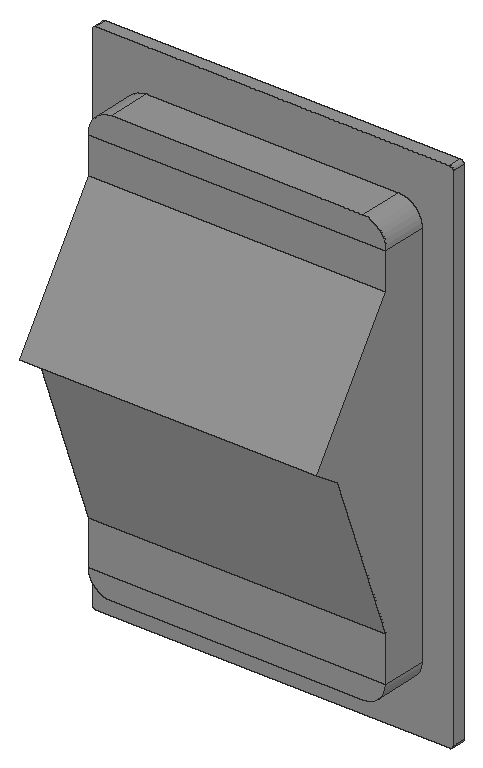
Revit family "L&L_LUCE&LIGHT_PASITO_MINI_1.1", category Lighting Fixtures, host Wall, Revit 2018 (continued)
Types (2, lengths in mm): name | built-in parameter 1150142 | Photometric Web File
  PASITO_MINI_1.1 – 60° | "IESNA:LM-63-2002\r\n[TEST] PASITO M 11 30K80 60 - 20181009-1642.LDT\r\n[TESTLAB] L&L\r\n[TESTDATE] 9 Oct 2018\r\n[ISSUEDATE] 9 Oct 2018\r\n[MANUFAC] L&L\r\n[LUMCAT] PASITO MINI 1.1 BE 60° [2700K 5W 24Vdc] white\r\n[LUMINAIRE] PASITO MINI 1.1 BE 60° [2700K 5W 24Vdc] white\r\n[FLASHAREA] 0.000015\r\n[LAMPCAT] Power LED\r\n[LAMP] Power LED\r\nTILT=NONE\r\n1 190.00 1.0 181 73 1 2 0.002 0.030 0.000\r\n1.00 1.00 5.00\r\n0.00 1.00 2.00 3.00 4.00 5.00 6.00 7.00 8.00 9.00 10.00 \r\n11.00 12.00 13.00 14.00 15.00 16.00 17.00 18.00 19.00 \r\n20.00 21.00 22.00 23.00 24.00 25.00 26.00 27.00 28.00 \r\n29.00 30.00 31.00 32.00 33.00 34.00 35.00 36.00 37.00 \r\n38.00 39.00 40.00 41.00 42.00 43.00 44.00 45.00 46.00 \r\n47.00 48.00 49.00 50.00 51.00 52.00 53.00 54.00 55.00 \r\n56.00 57.00 58.00 59.00 60.00 61.00 62.00 63.00 64.00 \r\n65.00 66.00 67.00 68.00 69.00 70.00 71.00 72.00 73.00 \r\n74.00 75.00 76.00 77.00 78.00 79.00 80.00 81.00 82.00 \r\n83.00 84.00 85.00 86.00 87.00 88.00 89.00 90.00 91.00 \r\n92.00 93.00 94.00 95.00 96.00 97.00 98.00 99.00 100.00 \r\n101.00 102.00 103.00 104.00 105.00 106.00 107.00 108.00 \r\n109.00 110.00 111.00 112.00 113.00 114.00 115.00 116.00 \r\n117.00 118.00 119.00 120.00 121.00 122.00 123.00 124.00 \r\n125.00 126.00 127.00 128.00 129.00 130.00 131.00 132.00 \r\n133.00 134.00 135.00 136.00 137.00 138.00 139.00 140.00 \r\n141.00 142.00 143.00 144.00 145.00 146.00 147.00 148.00 \r\n149.00 150.00 151.00 152.00 153.00 154.00 155.00 156.00 \r\n157.00 158.00 159.00 160.00 161.00 162.00 163.00 164.00 \r\n165.00 166.00 167.00 168.00 169.00 170.00 171.00 172.00 \r\n173.00 174.00 175.00 176.00 177.00 178.00 179.00 180.00 \r\n0.00 5.00 10.00 15.00 20.00 25.00 30.00 35.00 40.00 45.00 \r\n50.00 55.00 60.00 65.00 70.00 75.00 80.00 85.00 90.00 \r\n95.00 100.00 105.00 110.00 115.00 120.00 125.00 130.00 \r\n135.00 140.00 145.00 150.00 155.00 160.00 165.00 170.00 \r\n175.00 180.00 185.00 190.00 195.00 200.00 205.00 210.00 \r\n215.00 220.00 225.00 230.00 235.00 240.00 245.00 250.00 \r\n255.00 260.00 265.00 270.00 275.00 280.00 285.00 290.00 \r\n295.00 300.00 305.00 310.00 315.00 320.00 325.00 330.00 \r\n335.00 340.00 345.00 350.00 355.00 360.00 \r\n0.01 0.02 0.02 0.02 0.03 0.03 0.03 0.04 0.04 0.04 0.05 \r\n0.05 0.05 0.06 0.06 0.07 0.07 0.07 0.08 0.08 0.09 0.09 \r\n0.10 0.10 0.10 0.11 0.11 0.12 0.12 0.13 0.13 0.14 0.14 \r\n0.15 0.15 0.16 0.16 0.16 0.17 0.17 0.18 0.18 0.19 0.19 \r\n0.19 0.20 0.20 0.21 0.21 0.21 0.22 0.22 0.23 0.23 0.23 \r\n0.24 0.24 0.25 0.25 0.25 0.26 0.26 0.26 0.27 0.27 0.27 \r\n0.28 0.28 0.28 0.29 0.29 0.29 0.30 0.30 0.30 0.31 0.31 \r\n0.31 0.31 0.31 0.32 0.32 0.32 0.32 0.32 0.32 0.33 0.33 \r\n0.33 0.33 0.33 0.33 0.33 0.33 0.33 0.33 0.33 0.33 0.33 \r\n0.33 0.33 0.33 0.32 0.32 0.32 0.32 0.32 0.31 0.31 0.31 \r\n0.31 0.30 0.30 0.30 0.29 0.29 0.29 0.28 0.28 0.28 0.27 \r\n0.27 0.26 0.26 0.25 0.25 0.24 0.24 0.23 0.23 0.23 0.22 \r\n0.22 0.21 0.21 0.20 0.20 0.19 0.19 0.18 0.18 0.17 0.17 \r\n0.16 0.16 0.15 0.15 0.14 0.14 0.13 0.13 0.12 0.12 0.11 \r\n0.11 0.10 0.10 0.09 0.09 0.08 0.08 0.07 0.07 0.06 0.06 \r\n0.05 0.05 0.04 0.04 0.03 0.03 0.03 0.02 0.02 0.02 0.02 \r\n0.02 0.02 0.02 0.02 0.02 \r\n0.01 0.02 0.02 0.02 0.02 0.02 0.02 0.01 0.01 0.01 0.00 \r\n0.00 0.00 0.00 0.00 0.00 0.00 0.00 0.00 0.00 0.00 0.00 \r\n0.00 0.00 0.00 0.00 0.00 0.00 0.00 0.00 0.00 0.00 0.00 \r\n0.00 0.00 0.00 0.00 0.00 0.00 0.00 0.00 0.00 0.00 0.00 \r\n0.00 0.00 0.00 0.00 0.00 0.00 0.00 0.00 0.00 0.00 0.00 \r\n0.00 0.00 0.00 0.00 0.00 0.00 0.00 0.00 0.00 0.00 0.00 \r\n0.00 0.00 0.00 0.00 0.00 0.00 0.00 0.00 0.00 0.00 0.00 \r\n0.00 0.00 0.00 0.00 0.00 0.00 0.00 0.00 0.00 0.00 0.00 \r\n0.00 0.00 0.00 0.00 0.00 0.00 0.00 0.00 0.00 0.00 0.00 \r\n0.00 0.00 0.00 0.00 0.00 0.00 0.00 0.00 0.00 0.00 0.00 \r\n0.00 0.00 0.00 0.00 0.00 0.00 0.00 0.00 0.00 0.00 0.00 \r\n0.00 0.00 0.00 0.00 0.00 0.00 0.00 0.00 0.00 0.00 0.00 \r\n0.00 0.00 0.00 0.00 0.00 0.00 0.00 0.00 0.00 0.00 0.00 \r\n0.00 0.00 0.00 0.00 0.00 0.00 0.00 0.00 0.00 0.00 0.00 \r\n0.00 0.00 0.00 0.00 0.00 0.00 0.00 0.00 0.00 0.00 0.00 \r\n0.00 0.00 0.00 0.00 0.00 0.00 0.00 0.01 0.01 0.01 0.01 \r\n0.01 0.01 0.01 0.01 0.02 \r\n0.01 0.01 0.02 0.01 0.01 0.00 0.00 0.00 0.00 0.00 0.00 \r\n0.00 0.00 0.00 0.00 0.00 0.00 0.00 0.00 0.00 0.00 0.00 \r\n0.00 0.00 0.00 0.00 0.00 0.00 0.00 0.00 0.00 0.00 0.00 \r\n0.00 0.00 0.00 0.00 0.00 0.00 0.00 0.00 0.00 0.00 0.00 \r\n0.00 0.00 0.00 0.00 0.00 0.00 0.00 0.00 0.00 0.00 0.00 \r\n0.00 0.00 0.00 0.00 0.00 0.00 0.00 0.00 0.00 0.00 0.00 \r\n0.00 0.00 0.00 0.00 0.00 0.00 0.00 0.00 0.00 0.00 0.00 \r\n0.00 0.00 0.00 0.00 0.00 0.00 0.00 0.00 0.00 0.00 0.00 \r\n0.00 0.00 0.00 0.00 0.00 0.00 0.00 0.00 0.00 0.00 0.00 \r\n0.00 0.00 0.00 0.00 0.00 0.00 0.00 0.00 0.00 0.00 0.00 \r\n0.00 0.00 0.00 0.00 0.00 0.00 0.00 0.00 0.00 0.00 0.00 \r\n0.00 0.00 0.00 0.00 0.00 0.00 0.00 0.00 0.00 0.00 0.00 \r\n0.00 0.00 0.00 0.00 0.00 0.00 0.00 0.00 0.00 0.00 0.00 \r\n0.00 0.00 0.00 0.00 0.00 0.00 0.00 0.00 0.00 0.00 0.00 \r\n0.00 0.00 0.00 0.00 0.00 0.00 0.00 0.00 0.00 0.00 0.00 \r\n0.00 0.00 0.00 0.00 0.00 0.00 0.00 0.00 0.00 0.00 0.00 \r\n0.00 0.01 0.01 0.01 0.02 \r\n0.01 0.01 0.01 0.01 0.00 0.00 0.00 0.00 0.00 0.00 0.00 \r\n0.00 0.00 0.00 0.00 0.00 0.00 0.00 0.00 0.00 0.00 0.00 \r\n0.00 0.00 0.00 0.00 0.00 0.00 0.00 0.00 0.00 0.00 0.00 \r\n0.00 0.00 0.00 0.00 0.00 0.00 0.00 0.00 0.00 0.00 0.00 \r\n0.00 0.00 0.00 0.00 0.00 0.00 0.00 0.00 0.00 0.00 0.00 \r\n0.00 0.00 0.00 0.00 0.00 0.00 0.00 0.00 0.00 0.00 0.00 \r\n0.00 0.00 0.00 0.00 0.00 0.00 0.00 0.00 0.00 0.00 0.00 \r\n0.00 0.00 0.00 0.00 0.00 0.00 0.00 0.00 0.00 0.00 0.00 \r\n0.00 0.00 0.00 0.00 0.00 0.00 0.00 0.00 0.00 0.00 0.00 \r\n0.00 0.00 0.00 0.00 0.00 0.00 0.00 0.00 0.00 0.00 0.00 \r\n0.00 0.00 0.00 0.00 0.00 0.00 0.00 0.00 0.00 0.00 0.00 \r\n0.00 0.00 0.00 0.00 0.00 0.00 0.00 0.00 0.00 0.00 0.00 \r\n0.00 0.00 0.00 0.00 0.00 0.00 0.00 0.00 0.00 0.00 0.00 \r\n0.00 0.00 0.00 0.00 0.00 0.00 0.00 0.00 0.00 0.00 0.00 \r\n0.00 0.00 0.00 0.00 0.00 0.00 0.00 0.00 0.00 0.00 0.00 \r\n0.00 0.00 0.00 0.00 0.00 0.00 0.00 0.00 0.00 0.00 0.00 \r\n0.00 0.00 0.01 0.01 0.02 \r\n0.01 0.01 0.01 0.00 0.00 0.00 0.00 0.00 0.00 0.00 0.00 \r\n0.00 0.00 0.00 0.00 0.00 0.00 0.00 0.00 0.00 0.00 0.00 \r\n0.00 0.00 0.00 0.00 0.00 0.00 0.00 0.00 0.00 0.00 0.00 \r\n0.00 0.00 0.00 0.00 0.00 0.00 0.00 0.00 0.00 0.00 0.00 \r\n0.00 0.00 0.00 0.00 0.00 0.00 0.00 0.00 0.00 0.00 0.00 \r\n0.00 0.00 0.00 0.00 0.00 0.00 0.00 0.00 0.00 0.00 0.00 \r\n0.00 0.00 0.00 0.00 0.00 0.00 0.00 0.00 0.00 0.00 0.00 \r\n0.00 0.00 0.00 0.00 0.00 0.00 0.00 0.00 0.00 0.00 0.00 \r\n0.00 0.00 0.00 0.00 0.00 0.00 0.00 0.00 0.00 0.00 0.00 \r\n0.00 0.00 0.00 0.00 0.00 0.00 0.00 0.00 0.00 0.00 0.00 \r\n0.00 0.00 0.00 0.00 0.00 0.00 0.00 0.00 0.00 0.00 0.00 \r\n0.00 0.00 0.00 0.00 0.00 0.00 0.00 0.00 0.00 0.00 0.00 \r\n0.00 0.00 0.00 0.00 0.00 0.00 0.00 0.00 0.00 0.00 0.00 \r\n0.00 0.00 0.00 0.00 0.00 0.00 0.00 0.00 0.00 0.00 0.00 \r\n0.00 0.00 0.00 0.00 0.00 0.00 0.00 0.00 0.00 0.00 0.00 \r\n0.00 0.00 0.00 0.00 0.00 0.00 0.00 0.00 0.00 0.00 0.00 \r\n0.00 0.00 0.00 0.01 0.02 \r\n0.01 0.01 0.00 0.00 0.00 0.00 0.00 0.00 0.00 0.00 0.00 \r\n0.00 0.00 0.00 0.00 0.00 0.00 0.00 0.00 0.00 0.00 0.00 \r\n0.00 0.00 0.00 0.00 0.00 0.00 0.00 0.00 0.00 0.00 0.00 \r\n0.00 0.00 0.00 0.00 0.00 0.00 0.00 0.00 0.00 0.00 0.00 \r\n0.00 0.00 0.00 0.00 0.00 0.00 0.00 0.00 0.00 0.00 0.00 \r\n0.00 0.00 0.00 0.00 0.00 0.00 0.00 0.00 0.00 0.00 0.00 \r\n0.00 0.00 0.00 0.00 0.00 0.00 0.00 0.00 0.00 0.00 0.00 \r\n0.00 0.00 0.00 0.00 0.00 0.00 0.00 0.00 0.00 0.00 0.00 \r\n0.00 0.00 0.00 0.00 0.00 0.00 0.00 0.00 0.00 0.00 0.00 \r\n0.00 0.00 0.00 0.00 0.00 0.00 0.00 0.00 0.00 0.00 0.00 \r\n0.00 0.00 0.00 0.00 0.00 0.00 0.00 0.00 0.00 0.00 0.00 \r\n0.00 0.00 0.00 0.00 0.00 0.00 0.00 0.00 0.00 0.00 0.00 \r\n0.00 0.00 0.00 0.00 0.00 0.00 0.00 0.00 0.00 0.00 0.00 \r\n0.00 0.00 0.00 0.00 0.00 0.00 0.00 0.00 0.00 0.00 0.00 \r\n0.00 0.00 0.00 0.00 0.00 0.00 0.00 0.00 0.00 0.00 0.00 \r\n0.00 0.00 0.00 0.00 0.00 0.00 0.00 0.00 0.00 0.00 0.00 \r\n0.00 0.00 0.00 0.01 0.02 \r\n0.01 0.01 0.00 0.00 0.00 0.00 0.00 0.00 0.00 0.00 0.00 \r\n0.00 0.00 0.00 0.00 0.00 0.00 0.00 0.00 0.00 0.00 0.00 \r\n0.00 0.00 0.00 0.00 0.00 0.00 0.00 0.00 0.00 0.00 0.00 \r\n0.00 0.00 0.00 0.00 0.00 0.00 0.00 0.00 0.00 0.00 0.00 \r\n0.00 0.00 0.00 0.00 0.00 0.00 0.00 0.00 0.00 0.00 0.00 \r\n0.00 0.00 0.00 0.00 0.00 0.00 0.00 0.00 0.00 0.00 0.00 \r\n0.00 0.00 0.00 0.00 0.00 0.00 0.00 0.00 0.00 0.00 0.00 \r\n0.00 0.00 0.00 0.00 0.00 0.00 0.00 0.00 0.00 0.00 0.00 \r\n0.00 0.00 0.00 0.00 0.00 0.00 0.00 0.00 0.00 0.00 0.00 \r\n0.00 0.00 0.00 0.00 0.00 0.00 0.00 0.00 0.00 0.00 0.00 \r\n0.00 0.00 0.00 0.00 0.00 0.00 0.00 0.00 0.00 0.00 0.00 \r\n0.00 0.00 0.00 0.00 0.00 0.00 0.00 0.00 0.00 0.00 0.00 \r\n0.00 0.00 0.00 0.00 0.00 0.00 0.00 0.00 0.00 0.00 0.00 \r\n0.00 0.00 0.00 0.00 0.00 0.00 0.00 0.00 0.00 0.00 0.00 \r\n0.00 0.00 0.00 0.00 0.00 0.00 0.00 0.00 0.00 0.00 0.00 \r\n0.00 0.00 0.00 0.00 0.00 0.00 0.00 0.00 0.00 0.00 0.00 \r\n0.00 0.00 0.00 0.01 0.02 \r\n0.01 0.01 0.00 0.00 0.00 0.00 0.00 0.00 0.00 0.00 0.00 \r\n0.00 0.00 0.00 0.00 0.00 0.00 0.00 0.00 0.00 0.00 0.00 \r\n0.00 0.00 0.00 0.00 0.00 0.00 0.00 0.00 0.00 0.00 0.00 \r\n0.00 0.00 0.00 0.00 0.00 0.00 0.00 0.00 0.00 0.00 0.00 \r\n0.00 0.00 0.00 0.00 0.00 0.00 0.00 0.00 0.00 0.00 0.00 \r\n0.00 0.00 0.00 0.00 0.00 0.00 0.00 0.00 0.00 0.00 0.00 \r\n0.00 0.00 0.00 0.00 0.00 0.00 0.00 0.00 0.00 0.00 0.00 \r\n0.00 0.00 0.00 0.00 0.00 0.00 0.00 0.00 0.00 0.00 0.00 \r\n0.00 0.00 0.00 0.00 0.00 0.00 0.00 0.00 0.00 0.00 0.00 \r\n0.00 0.00 0.00 0.00 0.00 0.00 0.00 0.00 0.00 0.00 0.00 \r\n0.00 0.00 0.00 0.00 0.00 0.00 0.00 0.00 0.00 0.00 0.00 \r\n0.00 0.00 0.00 0.00 0.00 0.00 0.00 0.00 0.00 0.00 0.00 \r\n0.00 0.00 0.00 0.00 0.00 0.00 0.00 0.00 0.00 0.00 0.00 \r\n0.00 0.00 0.00 0.00 0.00 0.00 0.00 0.00 0.00 0.00 0.00 \r\n0.00 0.00 0.00 0.00 0.00 0.00 0.00 0.00 0.00 0.00 0.00 \r\n0.00 0.00 0.00 0.00 0.00 0.00 0.00 0.00 0.00 0.00 0.00 \r\n0.00 0.00 0.00 0.01 0.02 \r\n0.01 0.01 0.00 0.00 0.00 0.00 0.00 0.00 0.00 0.00 0.00 \r\n0.00 0.00 0.00 0.00 0.00 0.00 0.00 0.00 0.00 0.00 0.00 \r\n0.00 0.00 0.00 0.00 0.00 0.00 0.00 0.00 0.00 0.00 0.00 \r\n0.00 0.00 0.00 0.00 0.00 0.00 0.00 0.00 0.00 0.00 0.00 \r\n0.00 0.00 0.00 0.00 0.00 0.00 0.00 0.00 0.00 0.00 0.00 \r\n0.00 0.00 0.00 0.00 0.00 0.00 0.00 0.00 0.00 0.00 0.00 \r\n0.00 0.00 0.00 0.00 0.00 0.00 0.00 0.00 0.00 0.00 0.00 \r\n0.00 0.00 0.00 0.00 0.00 0.00 0.00 0.00 0.00 0.00 0.00 \r\n0.00 0.00 0.00 0.00 0.00 0.00 0.00 0.00 0.00 0.00 0.00 \r\n0.00 0.00 0.00 0.00 0.00 0.00 0.00 0.00 0.00 0.00 0.00 \r\n0.00 0.00 0.00 0.00 0.00 0.00 0.00 0.00 0.00 0.00 0.00 \r\n0.00 0.00 0.00 0.00 0.00 0.00 0.00 0.00 0.00 0.00 0.00 \r\n0.00 0.00 0.00 0.00 0.00 0.00 0.00 0.00 0.00 0.00 0.00 \r\n0.00 0.00 0.00 0.00 0.00 0.00 0.00 0.00 0.00 0.00 0.00 \r\n0.00 0.00 0.00 0.00 0.00 0.00 0.00 0.00 0.00 0.00 0.00 \r\n0.00 0.00 0.00 0.00 0.00 0.00 0.00 0.00 0.00 0.00 0.00 \r\n0.00 0.00 0.00 0.01 0.02 \r\n0.01 0.01 0.00 0.00 0.00 0.00 0.00 0.00 0.00 0.00 0.00 \r\n0.00 0.00 0.00 0.00 0.00 0.00 0.00 0.00 0.00 0.00 0.00 \r\n0.00 0.00 0.00 0.00 0.00 0.00 0.00 0.00 0.00 0.00 0.00 \r\n0.00 0.00 0.00 0.00 0.00 0.00 0.00 0.00 0.00 0.00 0.00 \r\n0.00 0.00 0.00 0.00 0.00 0.00 0.00 0.00 0.00 0.00 0.00 \r\n0.00 0.00 0.00 0.00 0.00 0.00 0.00 0.00 0.00 0.00 0.00 \r\n0.00 0.00 0.00 0.00 0.00 0.00 0.00 0.00 0.00 0.00 0.00 \r\n0.00 0.00 0.00 0.00 0.00 0.00 0.00 0.00 0.00 0.00 0.00 \r\n0.00 0.00 0.00 0.00 0.00 0.00 0.00 0.00 0.00 0.00 0.00 \r\n0.00 0.00 0.00 0.00 0.00 0.00 0.00 0.00 0.00 0.00 0.00 \r\n0.00 0.00 0.00 0.00 0.00 0.00 0.00 0.00 0.00 0.00 0.00 \r\n0.00 0.00 0.00 0.00 0.00 0.00 0.00 0.00 0.00 0.00 0.00 \r\n0.00 0.00 0.00 0.00 0.00 0.00 0.00 0.00 0.00 0.00 0.00 \r\n0.00 0.00 0.00 0.00 0.00 0.00 0.00 0.00 0.00 0.00 0.00 \r\n0.00 0.00 0.00 0.00 0.00 0.00 0.00 0.00 0.00 0.00 0.00 \r\n0.00 0.00 0.00 0.00 0.00 0.00 0.00 0.00 0.00 0.00 0.00 \r\n0.00 0.00 0.00 0.00 0.02 \r\n0.01 0.01 0.00 0.00 0.00 0.00 0.00 0.00 0.00 0.00 0.00 \r\n0.00 0.00 0.00 0.00 0.00 0.00 0.00 0.00 0.00 0.00 0.00 \r\n0.00 0.00 0.00 0.00 0.00 0.00 0.00 0.00 0.00 0.00 0.00 \r\n0.00 0.00 0.00 0.00 0.00 0.00 0.00 0.00 0.00 0.00 0.00 \r\n0.00 0.00 0.00 0.00 0.00 0.00 0.00 0.00 0.00 0.00 0.00 \r\n0.00 0.00 0.00 0.00 0.00 0.00 0.00 0.00 0.00 0.00 0.00 \r\n0.00 0.00 0.00 0.00 0.00 0.00 0.00 0.00 0.00 0.00 0.00 \r\n0.00 0.00 0.00 0.00 0.00 0.00 0.00 0.00 0.00 0.00 0.00 \r\n0.00 0.00 0.00 0.00 0.00 0.00 0.00 0.00 0.00 0.00 0.00 \r\n0.00 0.00 0.00 0.00 0.00 0.00 0.00 0.00 0.00 0.00 0.00 \r\n0.00 0.00 0.00 0.00 0.00 0.00 0.00 0.00 0.00 0.00 0.00 \r\n0.00 0.00 0.00 0.00 0.00 0.00 0.00 0.00 0.00 0.00 0.00 \r\n0.00 0.00 0.00 0.00 0.00 0.00 0.00 0.00 0.00 0.00 0.00 \r\n0.00 0.00 0.00 0.00 0.00 0.00 0.00 0.00 0.00 0.00 0.00 \r\n0.00 0.00 0.00 0.00 0.00 0.00 0.00 0.00 0.00 0.00 0.00 \r\n0.00 0.00 0.00 0.00 0.00 0.00 0.00 0.00 0.00 0.00 0.00 \r\n0.00 0.00 0.00 0.00 0.02 \r\n0.01 0.00 0.00 0.00 0.00 0.00 0.00 0.00 0.00 0.00 0.00 \r\n0.00 0.00 0.00 0.00 0.00 0.00 0.00 0.00 0.00 0.00 0.00 \r\n0.00 0.00 0.00 0.00 0.00 0.00 0.00 0.00 0.00 0.00 0.00 \r\n0.00 0.00 0.00 0.00 0.00 0.00 0.00 0.00 0.00 0.00 0.00 \r\n0.00 0.00 0.00 0.00 0.00 0.00 0.00 0.00 0.00 0.00 0.00 \r\n0.00 0.00 0.00 0.00 0.00 0.00 0.00 0.00 0.00 0.00 0.00 \r\n0.00 0.00 0.00 0.00 0.00 0.00 0.00 0.00 0.00 0.00 0.00 \r\n0.00 0.00 0.00 0.00 0.00 0.00 0.00 0.00 0.00 0.00 0.00 \r\n0.00 0.00 0.00 0.00 0.00 0.00 0.00 0.00 0.00 0.00 0.00 \r\n0.00 0.00 0.00 0.00 0.00 0.00 0.00 0.00 0.00 0.00 0.00 \r\n0.00 0.00 0.00 0.00 0.00 0.00 0.00 0.00 0.00 0.00 0.00 \r\n0.00 0.00 0.00 0.00 0.00 0.00 0.00 0.00 0.00 0.00 0.00 \r\n0.00 0.00 0.00 0.00 0.00 0.00 0.00 0.00 0.00 0.00 0.00 \r\n0.00 0.00 0.00 0.00 0.00 0.00 0.00 0.00 0.00 0.00 0.00 \r\n0.00 0.00 0.00 0.00 0.00 0.00 0.00 0.00 0.00 0.00 0.00 \r\n0.00 0.00 0.00 0.00 0.00 0.00 0.00 0.00 0.00 0.00 0.00 \r\n0.00 0.00 0.00 0.00 0.02 \r\n0.01 0.00 0.00 0.00 0.00 0.00 0.00 0.00 0.00 0.00 0.00 \r\n0.00 0.00 0.00 0.00 0.00 0.00 0.00 0.00 0.00 0.00 0.00 \r\n0.00 0.00 0.00 0.00 0.00 0.00 0.00 0.00 0.00 0.00 0.00 \r\n0.00 0.00 0.00 0.00 0.00 0.00 0.00 0.00 0.00 0.00 0.00 \r\n0.00 0.00 0.00 0.00 0.00 0.00 0.00 0.00 0.00 0.00 0.00 \r\n0.00 0.00 0.00 0.00 0.00 0.00 0.00 0.00 0.00 0.00 0.00 \r\n0.00 0.00 0.00 0.00 0.00 0.00 0.00 0.00 0.00 0.00 0.00 \r\n0.00 0.00 0.00 0.00 0.00 0.00 0.00 0.00 0.00 0.00 0.00 \r\n0.00 0.00 0.00 0.00 0.00 0.00 0.00 0.00 0.00 0.00 0.00 \r\n0.00 0.00 0.00 0.00 0.00 0.00 0.00 0.00 0.00 0.00 0.00 \r\n0.00 0.00 0.00 0.00 0.00 0.00 0.00 0.00 0.00 0.00 0.00 \r\n0.00 0.00 0.00 0.00 0.00 0.00 0.00 0.00 0.00 0.00 0.00 \r\n0.00 0.00 0.00 0.00 0.00 0.00 0.00 0.00 0.00 0.00 0.00 \r\n0.00 0.00 0.00 0.00 0.00 0.00 0.00 0.00 0.00 0.00 0.00 \r\n0.00 0.00 0.00 0.00 0.00 0.00 0.00 0.00 0.00 0.00 0.00 \r\n0.00 0.00 0.00 0.00 0.00 0.00 0.00 0.00 0.00 0.00 0.00 \r\n0.00 0.00 0.00 0.00 0.02 \r\n0.01 0.00 0.00 0.00 0.00 0.00 0.00 0.00 0.00 0.00 0.00 \r\n0.00 0.00 0.00 0.00 0.00 0.00 0.00 0.00 0.00 0.00 0.00 \r\n0.00 0.00 0.00 0.00 0.00 0.00 0.00 0.00 0.00 0.00 0.00 \r\n0.00 0.00 0.00 0.00 0.00 0.00 0.00 0.00 0.00 0.00 0.00 \r\n0.00 0.00 0.00 0.00 0.00 0.00 0.00 0.00 0.00 0.00 0.00 \r\n0.00 0.00 0.00 0.00 0.00 0.00 0.00 0.00 0.00 0.00 0.00 \r\n0.00 0.00 0.00 0.00 0.00 0.00 0.00 0.00 0.00 0.00 0.00 \r\n0.00 0.00 0.00 0.00 0.00 0.00 0.00 0.00 0.00 0.00 0.00 \r\n0.00 0.00 0.00 0.00 0.00 0.00 0.00 0.00 0.00 0.00 0.00 \r\n0.00 0.00 0.00 0.00 0.00 0.00 0.00 0.00 0.00 0.00 0.00 \r\n0.00 0.00 0.00 0.00 0.00 0.00 0.00 0.00 0.00 0.00 0.00 \r\n0.00 0.00 0.00 0.00 0.00 0.00 0.00 0.00 0.00 0.00 0.00 \r\n0.00 0.00 0.00 0.00 0.00 0.00 0.00 0.00 0.00 0.00 0.00 \r\n0.00 0.00 0.00 0.00 0.00 0.00 0.00 0.00 0.00 0.00 0.00 \r\n0.00 0.00 0.00 0.00 0.00 0.00 0.00 0.00 0.00 0.00 0.00 \r\n0.00 0.00 0.00 0.00 0.00 0.00 0.00 0.00 0.00 0.00 0.00 \r\n0.00 0.00 0.00 0.00 0.02 \r\n0.01 0.00 0.00 0.00 0.00 0.00 0.00 0.00 0.00 0.00 0.00 \r\n0.00 0.00 0.00 0.00 0.00 0.00 0.00 0.00 0.00 0.00 0.00 \r\n0.00 0.00 0.00 0.00 0.00 0.00 0.00 0.00 0.00 0.00 0.00 \r\n0.00 0.00 0.00 0.00 0.00 0.00 0.00 0.00 0.00 0.00 0.00 \r\n0.00 0.00 0.00 0.00 0.00 0.00 0.00 0.00 0.00 0.00 0.00 \r\n0.00 0.00 0.00 0.00 0.00 0.00 0.00 0.00 0.00 0.00 0.00 \r\n0.00 0.00 0.00 0.00 0.00 0.00 0.00 0.00 0.00 0.00 0.00 \r\n0.00 0.00 0.00 0.00 0.00 0.00 0.00 0.00 0.00 0.00 0.00 \r\n0.00 0.00 0.00 0.00 0.00 0.00 0.00 0.00 0.00 0.00 0.00 \r\n0.00 0.00 0.00 0.00 0.00 0.00 0.00 0.00 0.00 0.00 0.00 \r\n0.00 0.00 0.00 0.00 0.00 0.00 0.00 0.00 0.00 0.00 0.00 \r\n0.00 0.00 0.00 0.00 0.00 0.00 0.00 0.00 0.00 0.00 0.00 \r\n0.00 0.00 0.00 0.00 
